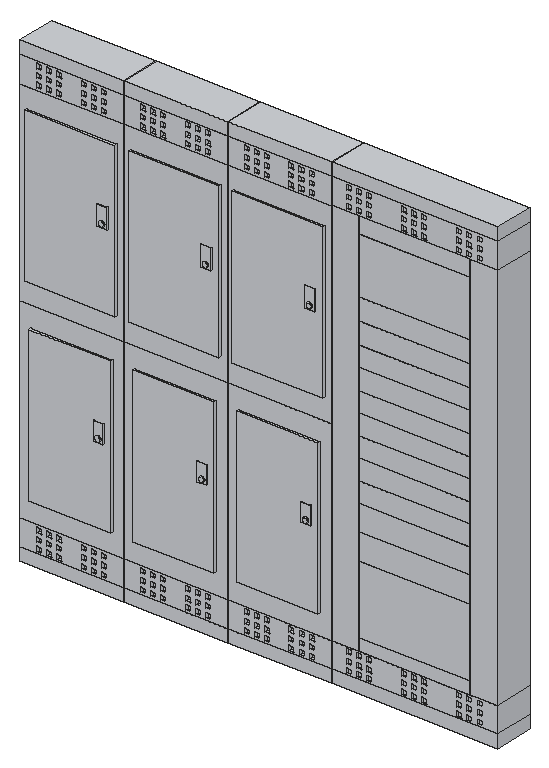
Revit family "Switchboard", category Electrical Equipment, Revit 2025
Family settings
  Panel Configuration = Two Columns, Circuits Across
  Round Connector Dimension = Use Diameter
  Part Type = Panelboard
  Work Plane-Based = Yes
  Always vertical = Yes
  Cut with Voids When Loaded = No
  Maintain Annotation Orientation = Yes
  Shared = No
  Room Calculation Point = No
Parameters
  Width = 8' - 8"
  Default Elevation = 4' - 0"
Reference planes (in)
  plane 1 "Center (Front/Back)": y = 0
  plane 2: z = 0
  plane 3 "Center (Left/Right)": x = 0
  plane 4: x = -47.4375
  plane 5: x = 0
  plane 6: y = 0
  plane 7 "center": z = 46.25
  plane 8: x = 47.4375
Dimensions and locks (in)
  plane 5 to plane 4 = 3' - 11 7/16"
  plane 8 to plane 5 = 3' - 11 7/16"
  aligned and locked: level to plane 2
  aligned and locked: nested 1 to nested 2
  aligned and locked: nested 4 to nested 5
  aligned and locked: nested 5 to nested 6
  aligned and locked: nested 2 to nested 3
  aligned and locked: nested 3 to nested 7
  aligned and locked: nested 6 to nested 7
Nested families (in)
  nested 1: "Appliance Panel Top" at (-37.125, 0, 46.25), type "Standard"
  nested 2: "Appliance Panel Top" at (-16.5, 0, 46.25), type "Standard"
  nested 3: "Appliance Panel Top" at (4.125, 0, 46.25), type "Standard"
  nested 4: "Appliance Panel Bottom" at (-37.125, 0, 0), type "Standard"
  nested 5: "Appliance Panel Bottom" at (-16.5, 0, 0), type "Standard"
  nested 6: "Appliance Panel Bottom" at (4.125, 0, 0), type "Standard"
  nested 7: "Main Distribution Panel" at (30.9375, 0, 0), type "Standard"
Definition of nested family "Appliance Panel Top"
  Parameters (values of type "Standard")
    Width = 1' - 8 5/8"
    Panel Width = 1' - 6"
    Depth = 0' - 8"
    Default Elevation = 4' - 0"
  Reference planes (in)
    plane 1 "Center (Front/Back)": y = 0
    plane 2: z = 0
    plane 3 "Center (Left/Right)": x = 0
    plane 4: z = 38.75
    plane 5: z = 44
    plane 6: z = 46.5
    plane 7: x = -6.9375
  Forms (in)
    Extrusion 1, solid
      sketch origin (0, 0, 0) x (1, 0, 0) y (0, 1, 0)
        loop
          line (-10.3125, 4) -> (-10.3125, -4) -> (10.3125, -4) -> (10.3125, 4) -> (-10.3125, 4)
      from 0 to 38.75
    Extrusion 2, solid
      sketch origin (0, 0, 38.75) x (1, 0, 0) y (0, 1, 0)
        loop
          line (-10.3125, 4) -> (-10.3125, -4) -> (10.3125, -4) -> (10.3125, 4) -> (-10.3125, 4)
      from 0 to 5.25
    Extrusion 3, solid
      sketch origin (0, 0, 44) x (1, 0, 0) y (0, 1, 0)
        loop
          line (-10.3125, 4) -> (-10.3125, -4) -> (10.3125, -4) -> (10.3125, 4) -> (-10.3125, 4)
      from 0 to 2.5
    Extrusion 4, solid
      sketch origin (10.3125, -4, 38.75) x (-1, 0, 0) y (0, 0, -1)
        loop
          line (19.3125, 4) -> (19.3125, 34.5) -> (1.3125, 34.5) -> (1.3125, 4) -> (19.3125, 4)
      from 0 to 0.5
    Extrusion 5, solid
      sketch origin (10.3125, -4.5, 38.75) x (-1, 0, 0) y (0, 0, -1)
        loop
          line (4.8125, 15.5) -> (4.8125, 19.5) -> (2.8125, 19.5) -> (2.8125, 15.5) -> (4.8125, 15.5)
      from 0.16797 to 0
    Extrusion 6, solid
      sketch origin (10.3125, -4.66797, 38.75) x (-1, 0, 0) y (0, 0, -1)
        loop
          circle (3.8125, 18.75) r 0.5
      from 0 to 0.125
    Extrusion 7, void
      sketch origin (10.3125, -4, 38.75) x (1, 0, 0) y (0, 0, -1)
        loop
          line (-17.25, -4.83333) -> (-16.25, -4.83333) -> (-16.25, -3.83333) -> (-17.25, -3.83333) -> (-17.25, -4.83333)
        loop
          line (-17.25, -3.125) -> (-16.25, -3.125) -> (-16.25, -2.125) -> (-17.25, -2.125) -> (-17.25, -3.125)
        loop
          line (-17.25, -1.4375) -> (-16.25, -1.4375) -> (-16.25, -0.4375) -> (-17.25, -0.4375) -> (-17.25, -1.4375)
        loop
          line (-15.25, -4.83333) -> (-14.25, -4.83333) -> (-14.25, -3.83333) -> (-15.25, -3.83333) -> (-15.25, -4.83333)
        loop
          line (-15.25, -3.125) -> (-14.25, -3.125) -> (-14.25, -2.125) -> (-15.25, -2.125) -> (-15.25, -3.125)
        loop
          line (-15.25, -1.4375) -> (-14.25, -1.4375) -> (-14.25, -0.4375) -> (-15.25, -0.4375) -> (-15.25, -1.4375)
        loop
          line (-13.25, -4.83333) -> (-12.25, -4.83333) -> (-12.25, -3.83333) -> (-13.25, -3.83333) -> (-13.25, -4.83333)
        loop
          line (-13.25, -3.125) -> (-12.25, -3.125) -> (-12.25, -2.125) -> (-13.25, -2.125) -> (-13.25, -3.125)
        loop
          line (-13.25, -1.4375) -> (-12.25, -1.4375) -> (-12.25, -0.4375) -> (-13.25, -0.4375) -> (-13.25, -1.4375)
        loop
          line (-3.375, -4.83333) -> (-3.375, -3.83333) -> (-4.375, -3.83333) -> (-4.375, -4.83333) -> (-3.375, -4.83333)
        loop
          line (-3.375, -3.125) -> (-3.375, -2.125) -> (-4.375, -2.125) -> (-4.375, -3.125) -> (-3.375, -3.125)
        loop
          line (-3.375, -1.4375) -> (-3.375, -0.4375) -> (-4.375, -0.4375) -> (-4.375, -1.4375) -> (-3.375, -1.4375)
        loop
          line (-5.375, -4.83333) -> (-5.375, -3.83333) -> (-6.375, -3.83333) -> (-6.375, -4.83333) -> (-5.375, -4.83333)
        loop
          line (-5.375, -3.125) -> (-5.375, -2.125) -> (-6.375, -2.125) -> (-6.375, -3.125) -> (-5.375, -3.125)
        loop
          line (-5.375, -1.4375) -> (-5.375, -0.4375) -> (-6.375, -0.4375) -> (-6.375, -1.4375) -> (-5.375, -1.4375)
        loop
          line (-7.375, -4.83333) -> (-7.375, -3.83333) -> (-8.375, -3.83333) -> (-8.375, -4.83333) -> (-7.375, -4.83333)
        loop
          line (-7.375, -3.125) -> (-7.375, -2.125) -> (-8.375, -2.125) -> (-8.375, -3.125) -> (-7.375, -3.125)
        loop
          line (-7.375, -1.4375) -> (-7.375, -0.4375) -> (-8.375, -0.4375) -> (-8.375, -1.4375) -> (-7.375, -1.4375)
      from 0 to 0.5
  Cuts and joins
    Extrusion 7 cuts Extrusion 2
  Dimensions and locks (in)
    equal spacing: Extrusion 1 sketch curve, plane 3 "Center (Left/Right)", Extrusion 1 sketch curve
    equal spacing: Extrusion 1 sketch curve, plane 1 "Center (Front/Back)", Extrusion 1 sketch curve
    "Width": Extrusion 1 sketch curve to Extrusion 1 sketch curve
    "Depth": Extrusion 1 sketch curve to Extrusion 1 sketch curve
    plane 4 to plane 2 = 3' - 2 3/4"
    equal spacing: Extrusion 2 sketch curve, plane 3 "Center (Left/Right)", Extrusion 2 sketch curve
    equal spacing: Extrusion 2 sketch curve, plane 1 "Center (Front/Back)", Extrusion 2 sketch curve
    "Width": Extrusion 2 sketch curve to Extrusion 2 sketch curve
    "Depth": Extrusion 2 sketch curve to Extrusion 2 sketch curve
    plane 5 to plane 4 = 0' - 5 1/4"
    Extrusion 3 sketch curve to Extrusion 3 sketch curve = 1' - 8 5/8"
    equal spacing: Extrusion 3 sketch curve, plane 1 "Center (Front/Back)", Extrusion 3 sketch curve
    "Width": Extrusion 3 sketch curve to Extrusion 3 sketch curve
    "Depth": Extrusion 3 sketch curve to Extrusion 3 sketch curve
    plane 6 to plane 5 = 0' - 2 1/2"
    equal spacing: Extrusion 4 sketch curve, plane 3 "Center (Left/Right)", Extrusion 4 sketch curve
    "Panel Width": Extrusion 4 sketch curve to Extrusion 4 sketch curve
    Extrusion 4 sketch curve to plane 2 = 0' - 4 1/4"
    Extrusion 5 sketch curve to Extrusion 4 = 1' - 3"
    Extrusion 5 sketch curve to Extrusion 4 = 0' - 1 1/2"
    plane 4 to Extrusion 4 sketch curve = 0' - 4"
    aligned and locked: plane 2 to level
    aligned and locked: plane 4 to Extrusion 1
    aligned and locked: plane 5 to Extrusion 2
    aligned and locked: plane 6 to Extrusion 3
  Automatic sketch dimensions
    Extrusion 5 sketch curve to Extrusion 5 sketch curve = 0' - 2"
    Extrusion 5 sketch curve to Extrusion 5 sketch curve = 0' - 4"
    Extrusion 6 sketch curve to Extrusion 5 = 0' - 1"
    Extrusion 6 sketch curve to Extrusion 5 = 0' - 0 3/4"
    Extrusion 7 sketch curve to Extrusion 2 = 0' - 0.41667"  (x6)
    Extrusion 7 sketch curve to Extrusion 2 = 0' - 3 3/8"
    Extrusion 7 sketch curve to Extrusion 7 sketch curve = 0' - 0"  (x24)
    Extrusion 7 sketch curve to Extrusion 7 sketch curve = 0' - 1"  (x22)
    Extrusion 7 sketch curve to Extrusion 7 sketch curve = 0' - 3 7/8"
    Extrusion 7 sketch curve to Extrusion 2 = 0' - 0 7/16"  (x6)
    Extrusion 7 sketch curve to Extrusion 7 sketch curve = 0' - 0.70833"  (x6)
    Extrusion 7 sketch curve to Extrusion 7 sketch curve = 0' - 0 11/16"  (x6)
    Extrusion 2 sketch curve to Extrusion 1 = 0' - 0"
    Extrusion 3 sketch curve to Extrusion 2 = 0' - 0"  (x2)
    radius of Extrusion 6 sketch curve = 0' - 0 1/2"
Definition of nested family "Appliance Panel Bottom"
  Parameters (values of type "Standard")
    Width = 1' - 8 5/8"
    Panel Width = 1' - 6"
    Depth = 0' - 8"
    Default Elevation = 4' - 0"
  Reference planes (in)
    plane 1 "Center (Front/Back)": y = 0
    plane 2: z = 0
    plane 3 "Center (Left/Right)": x = 0
    plane 4: z = 2.5
    plane 5: z = 7.625
    plane 6: z = 46.25
    plane 7: x = -11.25
    plane 8: z = 5.91667
    plane 9: z = 4.20833
    plane 10: z = 5.0625
    plane 11: z = 6.77083
    plane 12: z = 3.35417
    plane 13: x = 6.6875
    plane 14: x = -6.9375
  Forms (in)
    Extrusion 1, solid
      sketch origin (0, 0, 0) x (1, 0, 0) y (0, 1, 0)
        loop
          line (-10.3125, 4) -> (-10.3125, -4) -> (10.3125, -4) -> (10.3125, 4) -> (-10.3125, 4)
      from 0 to 2.5
    Extrusion 2, solid
      sketch origin (0, 0, 2.5) x (1, 0, 0) y (0, 1, 0)
        loop
          line (-10.3125, 4) -> (-10.3125, -4) -> (10.3125, -4) -> (10.3125, 4) -> (-10.3125, 4)
      from 0 to 5.125
    Extrusion 3, solid
      sketch origin (0, 0, 7.625) x (1, 0, 0) y (0, 1, 0)
        loop
          line (-10.3125, 4) -> (-10.3125, -4) -> (10.3125, -4) -> (10.3125, 4) -> (-10.3125, 4)
      from 0 to 38.625
    Extrusion 4, void
      sketch origin (10.3125, -4, 2.5) x (1, 0, 0) y (0, 0, -1)
        loop
          line (-17.26175, -4.77083) -> (-16.26175, -4.77083) -> (-16.26175, -3.77083) -> (-17.26175, -3.77083) -> (-17.26175, -4.77083)
        loop
          line (-17.26175, -3.0625) -> (-16.26175, -3.0625) -> (-16.26175, -2.0625) -> (-17.26175, -2.0625) -> (-17.26175, -3.0625)
        loop
          line (-17.26175, -1.375) -> (-16.26175, -1.375) -> (-16.26175, -0.375) -> (-17.26175, -0.375) -> (-17.26175, -1.375)
        loop
          line (-15.26175, -4.77083) -> (-14.26175, -4.77083) -> (-14.26175, -3.77083) -> (-15.26175, -3.77083) -> (-15.26175, -4.77083)
        loop
          line (-15.26175, -3.0625) -> (-14.26175, -3.0625) -> (-14.26175, -2.0625) -> (-15.26175, -2.0625) -> (-15.26175, -3.0625)
        loop
          line (-15.26175, -1.375) -> (-14.26175, -1.375) -> (-14.26175, -0.375) -> (-15.26175, -0.375) -> (-15.26175, -1.375)
        loop
          line (-13.26175, -4.77083) -> (-12.26175, -4.77083) -> (-12.26175, -3.77083) -> (-13.26175, -3.77083) -> (-13.26175, -4.77083)
        loop
          line (-13.26175, -3.0625) -> (-12.26175, -3.0625) -> (-12.26175, -2.0625) -> (-13.26175, -2.0625) -> (-13.26175, -3.0625)
        loop
          line (-13.26175, -1.375) -> (-12.26175, -1.375) -> (-12.26175, -0.375) -> (-13.26175, -0.375) -> (-13.26175, -1.375)
        loop
          line (-3.36325, -4.77083) -> (-3.36325, -3.77083) -> (-4.36325, -3.77083) -> (-4.36325, -4.77083) -> (-3.36325, -4.77083)
        loop
          line (-3.36325, -3.0625) -> (-3.36325, -2.0625) -> (-4.36325, -2.0625) -> (-4.36325, -3.0625) -> (-3.36325, -3.0625)
        loop
          line (-3.36325, -1.375) -> (-3.36325, -0.375) -> (-4.36325, -0.375) -> (-4.36325, -1.375) -> (-3.36325, -1.375)
        loop
          line (-5.36325, -4.77083) -> (-5.36325, -3.77083) -> (-6.36325, -3.77083) -> (-6.36325, -4.77083) -> (-5.36325, -4.77083)
        loop
          line (-5.36325, -3.0625) -> (-5.36325, -2.0625) -> (-6.36325, -2.0625) -> (-6.36325, -3.0625) -> (-5.36325, -3.0625)
        loop
          line (-5.36325, -1.375) -> (-5.36325, -0.375) -> (-6.36325, -0.375) -> (-6.36325, -1.375) -> (-5.36325, -1.375)
        loop
          line (-7.36325, -4.77083) -> (-7.36325, -3.77083) -> (-8.36325, -3.77083) -> (-8.36325, -4.77083) -> (-7.36325, -4.77083)
        loop
          line (-7.36325, -3.0625) -> (-7.36325, -2.0625) -> (-8.36325, -2.0625) -> (-8.36325, -3.0625) -> (-7.36325, -3.0625)
        loop
          line (-7.36325, -1.375) -> (-7.36325, -0.375) -> (-8.36325, -0.375) -> (-8.36325, -1.375) -> (-7.36325, -1.375)
      from 0 to 0.5
    Extrusion 5, solid
      sketch origin (10.3125, -4, 7.625) x (-1, 0, 0) y (0, 0, -1)
        loop
          line (18.375, -34.625) -> (18.375, -4.125) -> (2.25, -4.125) -> (2.25, -34.625) -> (18.375, -34.625)
      from 0 to 0.5
    Extrusion 6, solid
      sketch origin (10.4375, -4.5, 7.625) x (-1, 0, 0) y (0, 0, -1)
        loop
          line (5.625, -23) -> (5.625, -19.375) -> (3.75, -19.375) -> (3.75, -23) -> (5.625, -23)
      from 0.16797 to 0
    Extrusion 7, solid
      sketch origin (10.4375, -4.66797, 7.625) x (-1, 0, 0) y (0, 0, -1)
        loop
          circle (4.6875, -20.125) r 0.5
      from 0 to 0.125
    Extrusion 8, solid, not visible
      sketch origin (11.25, -4.75, 56.5) x (-1, 0, 0) y (0, 0, -1)
        loop
          line (20.25, 10.25) -> (20.25, 43.5) -> (2.25, 43.5) -> (2.25, 10.25) -> (20.25, 10.25)
      from 0 to 0.5
    Extrusion 9, solid, not visible
      sketch origin (11.25, -5.25, 56.5) x (-1, 0, 0) y (0, 0, -1)
        loop
          line (5.75, 24.25) -> (5.75, 28.25) -> (3.75, 28.25) -> (3.75, 24.25) -> (5.75, 24.25)
      from 0.16797 to 0
    Extrusion 10, solid, not visible
      sketch origin (11.25, -5.41797, 56.5) x (-1, 0, 0) y (0, 0, -1)
        loop
          circle (4.75, 27.5) r 0.5
      from 0 to 0.125
  Cuts and joins
    Extrusion 4 cuts Extrusion 2
  Dimensions and locks (in)
    equal spacing: Extrusion 1 sketch curve, plane 3 "Center (Left/Right)", Extrusion 1 sketch curve
    "Width": Extrusion 1 sketch curve to Extrusion 1 sketch curve
    plane 4 to plane 2 = 0' - 2 1/2"
    equal spacing: Extrusion 2 sketch curve, plane 3 "Center (Left/Right)", Extrusion 2 sketch curve
    equal spacing: Extrusion 2 sketch curve, plane 1 "Center (Front/Back)", Extrusion 2 sketch curve
    "Width": Extrusion 2 sketch curve to Extrusion 2 sketch curve
    "Depth": Extrusion 2 sketch curve to Extrusion 2 sketch curve
    plane 5 to plane 4 = 0' - 5 1/8"
    equal spacing: Extrusion 3 sketch curve, plane 3 "Center (Left/Right)", Extrusion 3 sketch curve
    "Width": Extrusion 3 sketch curve to Extrusion 3 sketch curve
    plane 6 to plane 5 = 3' - 2 5/8"
    Extrusion 6 sketch curve to Extrusion 5 = 1' - 3 1/4"
    Extrusion 6 sketch curve to Extrusion 5 = 0' - 1 3/8"
    Extrusion 9 sketch curve to Extrusion 8 = 1' - 3 1/4"
    Extrusion 9 sketch curve to Extrusion 8 = 0' - 1 1/2"
    Extrusion 5 to plane 5 = 0' - 4 1/8"
    equal spacing: cut or joined group of Extrusion 2, Extrusion 4, plane 11, plane 8, plane 10, plane 9, plane 12, cut or joined group of Extrusion 2, Extrusion 4
    Extrusion 5 to Extrusion 6 = 0' - 1 3/8"
    Extrusion 6 sketch curve to Extrusion 6 sketch curve = 0' - 1 7/8"
    equal spacing: Extrusion 3 sketch curve, plane 1 "Center (Front/Back)", Extrusion 3 sketch curve
    "Depth": Extrusion 3 sketch curve to Extrusion 3 sketch curve
    equal spacing: Extrusion 1 sketch curve, plane 1 "Center (Front/Back)", Extrusion 1 sketch curve
    "Depth": Extrusion 1 sketch curve to Extrusion 1 sketch curve
    plane 14 to Extrusion 3 = 0' - 3 3/8"
    plane 6 to Extrusion 5 sketch curve = 0' - 4"
    aligned and locked: plane 2 to level
    aligned and locked: plane 4 to Extrusion 1
    aligned and locked: plane 5 to Extrusion 2
    aligned and locked: plane 6 to Extrusion 3
  Automatic sketch dimensions
    Extrusion 9 sketch curve to Extrusion 9 sketch curve = 0' - 2"
    Extrusion 9 sketch curve to Extrusion 9 sketch curve = 0' - 4"
    Extrusion 10 sketch curve to Extrusion 9 = 0' - 1"
    Extrusion 10 sketch curve to Extrusion 9 = 0' - 0 3/4"
    Extrusion 8 sketch curve to Extrusion 8 sketch curve = 1' - 6"
    Extrusion 8 sketch curve to Extrusion 8 sketch curve = 2' - 9 1/4"
    Extrusion 5 sketch curve to Extrusion 3 = 0' - 2 1/4"
    Extrusion 3 to Extrusion 5 sketch curve = 0' - 2 1/4"
    Extrusion 3 to Extrusion 5 sketch curve = 0' - 4 1/8"
    Extrusion 6 sketch curve to Extrusion 6 sketch curve = 0' - 3 5/8"
    Extrusion 7 sketch curve to Extrusion 6 = 0' - 0 15/16"
    Extrusion 7 sketch curve to Extrusion 6 = 0' - 0 3/4"
    Extrusion 4 sketch curve to Extrusion 2 = 0' - 0.35417"  (x6)
    Extrusion 4 sketch curve to Extrusion 2 = 0' - 3.36325"
    Extrusion 4 sketch curve to Extrusion 4 sketch curve = 0' - 0"  (x24)
    Extrusion 4 sketch curve to Extrusion 4 sketch curve = 0' - 1"  (x22)
    Extrusion 4 sketch curve to Extrusion 4 sketch curve = 0' - 3.89849"
    Extrusion 4 sketch curve to Extrusion 2 = 0' - 0 3/8"  (x6)
    Extrusion 4 sketch curve to Extrusion 4 sketch curve = 0' - 0.70833"  (x6)
    Extrusion 4 sketch curve to Extrusion 4 sketch curve = 0' - 0 11/16"  (x6)
    Extrusion 2 sketch curve to Extrusion 1 = 0' - 0"
    Extrusion 3 sketch curve to Extrusion 2 = 0' - 0"
    radius of Extrusion 10 sketch curve = 0' - 0 1/2"
    radius of Extrusion 7 sketch curve = 0' - 0 1/2"
Definition of nested family "Main Distribution Panel"
  Parameters (values of type "Standard")
    Width = 2' - 9"
    Deoth = 0' - 8"
    Default Elevation = 0' - 0"
  Reference planes (in)
    plane 1 "Center (Front/Back)": y = 0
    plane 2: z = 0
    plane 3 "Center (Left/Right)": x = 0
    plane 4: z = 2.5
    plane 5: z = 7.625
    plane 6: z = 85.125
    plane 7: z = 101.5
    plane 8: x = -11
    plane 9: x = 11
    plane 10: z = 5.0625
  Forms (in)
    Extrusion 1, solid
      sketch origin (0, 0, 0) x (1, 0, 0) y (0, 1, 0)
        loop
          line (-16.5, 4) -> (-16.5, -4) -> (16.5, -4) -> (16.5, 4) -> (-16.5, 4)
      from 0 to 2.5
    Extrusion 2, solid
      sketch origin (0, 0, 2.5) x (1, 0, 0) y (0, 1, 0)
        loop
          line (-16.5, 4) -> (-16.5, -4) -> (16.5, -4) -> (16.5, 4) -> (-16.5, 4)
      from 0 to 5.125
    Extrusion 3, solid
      sketch origin (0, 0, 7.625) x (1, 0, 0) y (0, 1, 0)
        loop
          line (-16.5, 4) -> (-16.5, -4) -> (-11, -4) -> (-11, 4) -> (-16.5, 4)
        loop
          line (16.5, 4) -> (11, 4) -> (11, -4) -> (16.5, -4) -> (16.5, 4)
      from 0 to 77.5
    Extrusion 4, solid
      sketch origin (0, 0, 7.625) x (1, 0, 0) y (0, 1, 0)
        loop
          line (-11, 4) -> (-11, -4) -> (11, -4) -> (11, 4) -> (-11, 4)
      from 0 to 2.375
    Extrusion 5, solid
      sketch origin (0, 0, 10) x (1, 0, 0) y (0, 1, 0)
        loop
          line (-11, 4) -> (-11, -4) -> (11, -4) -> (11, 4) -> (-11, 4)
      from 0 to 13.75
    Extrusion 6, solid
      sketch origin (0, 0, 23.75) x (1, 0, 0) y (0, 1, 0)
        loop
          line (-11, 4) -> (-11, -4) -> (11, -4) -> (11, 4) -> (-11, 4)
      from 0 to 5.125
    Extrusion 7, solid
      sketch origin (0, 0, 28.875) x (1, 0, 0) y (0, 1, 0)
        loop
          line (-11, 4) -> (-11, -4) -> (11, -4) -> (11, 4) -> (-11, 4)
      from 0 to 5.125
    Extrusion 8, solid
      sketch origin (0, 0, 34) x (1, 0, 0) y (0, 1, 0)
        loop
          line (-11, 4) -> (-11, -4) -> (11, -4) -> (11, 4) -> (-11, 4)
      from 0 to 4
    Extrusion 9, solid
      sketch origin (0, 0, 38) x (1, 0, 0) y (0, 1, 0)
        loop
          line (-11, 4) -> (-11, -4) -> (11, -4) -> (11, 4) -> (-11, 4)
      from 0 to 4
    Extrusion 10, solid
      sketch origin (0, 0, 42) x (1, 0, 0) y (0, 1, 0)
        loop
          line (-11, 4) -> (-11, -4) -> (11, -4) -> (11, 4) -> (-11, 4)
      from 0 to 4
    Extrusion 11, solid
      sketch origin (0, 0, 46) x (1, 0, 0) y (0, 1, 0)
        loop
          line (-11, 4) -> (-11, -4) -> (11, -4) -> (11, 4) -> (-11, 4)
      from 0 to 4
    Extrusion 12, solid
      sketch origin (0, 0, 50) x (1, 0, 0) y (0, 1, 0)
        loop
          line (-11, 4) -> (-11, -4) -> (11, -4) -> (11, 4) -> (-11, 4)
      from 0 to 4
    Extrusion 13, solid
      sketch origin (0, 0, 54) x (1, 0, 0) y (0, 1, 0)
        loop
          line (-11, 4) -> (-11, -4) -> (11, -4) -> (11, 4) -> (-11, 4)
      from 0 to 4.25
    Extrusion 14, solid
      sketch origin (0, 0, 58.25) x (1, 0, 0) y (0, 1, 0)
        loop
          line (-11, 4) -> (-11, -4) -> (11, -4) -> (11, 4) -> (-11, 4)
      from 0 to 4
    Extrusion 15, solid
      sketch origin (0, 0, 62.25) x (1, 0, 0) y (0, 1, 0)
        loop
          line (-11, 4) -> (-11, -4) -> (11, -4) -> (11, 4) -> (-11, 4)
      from 0 to 4.25
    Extrusion 16, solid
      sketch origin (0, 0, 66.5) x (1, 0, 0) y (0, 1, 0)
        loop
          line (-11, 4) -> (-11, -4) -> (11, -4) -> (11, 4) -> (-11, 4)
      from 0 to 4.25
    Extrusion 17, solid
      sketch origin (0, 0, 70.75) x (1, 0, 0) y (0, 1, 0)
        loop
          line (-11, 4) -> (-11, -4) -> (11, -4) -> (11, 4) -> (-11, 4)
      from 0 to 11.25
    Extrusion 18, solid
      sketch origin (0, 0, 90.25) x (1, 0, 0) y (0, 1, 0)
        loop
          line (-16.5, 4) -> (-16.5, -4) -> (16.5, -4) -> (16.5, 4) -> (-16.5, 4)
      from 0 to 2.5
    Extrusion 19, solid
      sketch origin (0, 0, 85.125) x (1, 0, 0) y (0, 1, 0)
        loop
          line (-16.5, 4) -> (-16.5, -4) -> (16.5, -4) -> (16.5, 4) -> (-16.5, 4)
      from 0 to 5.125
    Extrusion 20, void
      sketch origin (16.5, -4, 85.125) x (1, 0, 0) y (0, 0, -1)
        loop
          line (-25, -4.77083) -> (-25, -3.77083) -> (-26, -3.77083) -> (-26, -4.77083) -> (-25, -4.77083)
        loop
          line (-25, -3.0625) -> (-25, -2.0625) -> (-26, -2.0625) -> (-26, -3.0625) -> (-25, -3.0625)
        loop
          line (-25, -1.375) -> (-25, -0.375) -> (-26, -0.375) -> (-26, -1.375) -> (-25, -1.375)
        loop
          line (-27, -4.77083) -> (-27, -3.77083) -> (-28, -3.77083) -> (-28, -4.77083) -> (-27, -4.77083)
        loop
          line (-27, -3.0625) -> (-27, -2.0625) -> (-28, -2.0625) -> (-28, -3.0625) -> (-27, -3.0625)
        loop
          line (-27, -1.375) -> (-27, -0.375) -> (-28, -0.375) -> (-28, -1.375) -> (-27, -1.375)
        loop
          line (-29, -4.77083) -> (-29, -3.77083) -> (-30, -3.77083) -> (-30, -4.77083) -> (-29, -4.77083)
        loop
          line (-29, -3.0625) -> (-29, -2.0625) -> (-30, -2.0625) -> (-30, -3.0625) -> (-29, -3.0625)
        loop
          line (-29, -1.375) -> (-29, -0.375) -> (-30, -0.375) -> (-30, -1.375) -> (-29, -1.375)
        loop
          line (-14, -4.77083) -> (-14, -3.77083) -> (-15, -3.77083) -> (-15, -4.77083) -> (-14, -4.77083)
        loop
          line (-14, -3.0625) -> (-14, -2.0625) -> (-15, -2.0625) -> (-15, -3.0625) -> (-14, -3.0625)
        loop
          line (-14, -1.375) -> (-14, -0.375) -> (-15, -0.375) -> (-15, -1.375) -> (-14, -1.375)
        loop
          line (-16, -4.77083) -> (-16, -3.77083) -> (-17, -3.77083) -> (-17, -4.77083) -> (-16, -4.77083)
        loop
          line (-16, -3.0625) -> (-16, -2.0625) -> (-17, -2.0625) -> (-17, -3.0625) -> (-16, -3.0625)
        loop
          line (-16, -1.375) -> (-16, -0.375) -> (-17, -0.375) -> (-17, -1.375) -> (-16, -1.375)
        loop
          line (-18, -4.77083) -> (-18, -3.77083) -> (-19, -3.77083) -> (-19, -4.77083) -> (-18, -4.77083)
        loop
          line (-18, -3.0625) -> (-18, -2.0625) -> (-19, -2.0625) -> (-19, -3.0625) -> (-18, -3.0625)
        loop
          line (-18, -1.375) -> (-18, -0.375) -> (-19, -0.375) -> (-19, -1.375) -> (-18, -1.375)
        loop
          line (-3, -4.77083) -> (-3, -3.77083) -> (-4, -3.77083) -> (-4, -4.77083) -> (-3, -4.77083)
        loop
          line (-3, -3.0625) -> (-3, -2.0625) -> (-4, -2.0625) -> (-4, -3.0625) -> (-3, -3.0625)
        loop
          line (-3, -1.375) -> (-3, -0.375) -> (-4, -0.375) -> (-4, -1.375) -> (-3, -1.375)
        loop
          line (-5, -4.77083) -> (-5, -3.77083) -> (-6, -3.77083) -> (-6, -4.77083) -> (-5, -4.77083)
        loop
          line (-5, -3.0625) -> (-5, -2.0625) -> (-6, -2.0625) -> (-6, -3.0625) -> (-5, -3.0625)
        loop
          line (-5, -1.375) -> (-5, -0.375) -> (-6, -0.375) -> (-6, -1.375) -> (-5, -1.375)
        loop
          line (-7, -4.77083) -> (-7, -3.77083) -> (-8, -3.77083) -> (-8, -4.77083) -> (-7, -4.77083)
        loop
          line (-7, -3.0625) -> (-7, -2.0625) -> (-8, -2.0625) -> (-8, -3.0625) -> (-7, -3.0625)
        loop
          line (-7, -1.375) -> (-7, -0.375) -> (-8, -0.375) -> (-8, -1.375) -> (-7, -1.375)
        loop
          line (-25, 77.85417) -> (-25, 78.85417) -> (-26, 78.85417) -> (-26, 77.85417) -> (-25, 77.85417)
        loop
          line (-25, 79.5625) -> (-25, 80.5625) -> (-26, 80.5625) -> (-26, 79.5625) -> (-25, 79.5625)
        loop
          line (-25, 81.25) -> (-25, 82.25) -> (-26, 82.25) -> (-26, 81.25) -> (-25, 81.25)
        loop
          line (-27, 77.85417) -> (-27, 78.85417) -> (-28, 78.85417) -> (-28, 77.85417) -> (-27, 77.85417)
        loop
          line (-27, 79.5625) -> (-27, 80.5625) -> (-28, 80.5625) -> (-28, 79.5625) -> (-27, 79.5625)
        loop
          line (-27, 81.25) -> (-27, 82.25) -> (-28, 82.25) -> (-28, 81.25) -> (-27, 81.25)
        loop
          line (-29, 77.85417) -> (-29, 78.85417) -> (-30, 78.85417) -> (-30, 77.85417) -> (-29, 77.85417)
        loop
          line (-29, 79.5625) -> (-29, 80.5625) -> (-30, 80.5625) -> (-30, 79.5625) -> (-29, 79.5625)
        loop
          line (-29, 81.25) -> (-29, 82.25) -> (-30, 82.25) -> (-30, 81.25) -> (-29, 81.25)
        loop
          line (-14, 77.85417) -> (-14, 78.85417) -> (-15, 78.85417) -> (-15, 77.85417) -> (-14, 77.85417)
        loop
          line (-14, 79.5625) -> (-14, 80.5625) -> (-15, 80.5625) -> (-15, 79.5625) -> (-14, 79.5625)
        loop
          line (-14, 81.25) -> (-14, 82.25) -> (-15, 82.25) -> (-15, 81.25) -> (-14, 81.25)
        loop
          line (-16, 77.85417) -> (-16, 78.85417) -> (-17, 78.85417) -> (-17, 77.85417) -> (-16, 77.85417)
        loop
          line (-16, 79.5625) -> (-16, 80.5625) -> (-17, 80.5625) -> (-17, 79.5625) -> (-16, 79.5625)
        loop
          line (-16, 81.25) -> (-16, 82.25) -> (-17, 82.25) -> (-17, 81.25) -> (-16, 81.25)
        loop
          line (-18, 77.85417) -> (-18, 78.85417) -> (-19, 78.85417) -> (-19, 77.85417) -> (-18, 77.85417)
        loop
          line (-18, 79.5625) -> (-18, 80.5625) -> (-19, 80.5625) -> (-19, 79.5625) -> (-18, 79.5625)
        loop
          line (-18, 81.25) -> (-18, 82.25) -> (-19, 82.25) -> (-19, 81.25) -> (-18, 81.25)
        loop
          line (-3, 77.85417) -> (-3, 78.85417) -> (-4, 78.85417) -> (-4, 77.85417) -> (-3, 77.85417)
        loop
          line (-3, 79.5625) -> (-3, 80.5625) -> (-4, 80.5625) -> (-4, 79.5625) -> (-3, 79.5625)
        loop
          line (-3, 81.25) -> (-3, 82.25) -> (-4, 82.25) -> (-4, 81.25) -> (-3, 81.25)
        loop
          line (-5, 77.85417) -> (-5, 78.85417) -> (-6, 78.85417) -> (-6, 77.85417) -> (-5, 77.85417)
        loop
          line (-5, 79.5625) -> (-5, 80.5625) -> (-6, 80.5625) -> (-6, 79.5625) -> (-5, 79.5625)
        loop
          line (-5, 81.25) -> (-5, 82.25) -> (-6, 82.25) -> (-6, 81.25) -> (-5, 81.25)
        loop
          line (-7, 77.85417) -> (-7, 78.85417) -> (-8, 78.85417) -> (-8, 77.85417) -> (-7, 77.85417)
        loop
          line (-7, 79.5625) -> (-7, 80.5625) -> (-8, 80.5625) -> (-8, 79.5625) -> (-7, 79.5625)
        loop
          line (-7, 81.25) -> (-7, 82.25) -> (-8, 82.25) -> (-8, 81.25) -> (-7, 81.25)
      from 0 to 0.25
    Extrusion 21, solid
      sketch origin (0, 0, 82) x (1, 0, 0) y (0, 1, 0)
        loop
          line (-11, 4) -> (-11, -4) -> (11, -4) -> (11, 4) -> (-11, 4)
      from 0 to 3.125
  Cuts and joins
    Extrusion 20 cuts Extrusion 2
    Extrusion 20 cuts Extrusion 19
  Dimensions and locks (in)
    equal spacing: Extrusion 1 sketch curve, plane 1 "Center (Front/Back)", Extrusion 1 sketch curve
    "Deoth": Extrusion 1 sketch curve to Extrusion 1 sketch curve
    equal spacing: Extrusion 1 sketch curve, plane 3 "Center (Left/Right)", Extrusion 1 sketch curve
    "Width": Extrusion 1 sketch curve to Extrusion 1 sketch curve
    plane 4 to plane 2 = 0' - 2 1/2"
    Extrusion 2 sketch curve to Extrusion 2 sketch curve = 0' - 8"
    "Deoth": Extrusion 2 sketch curve to Extrusion 2 sketch curve
    equal spacing: Extrusion 2 sketch curve, plane 3 "Center (Left/Right)", Extrusion 2 sketch curve
    "Width": Extrusion 2 sketch curve to Extrusion 2 sketch curve
    plane 5 to plane 4 = 0' - 5 1/8"
    plane 6 to plane 5 = 6' - 5 1/2"
    Extrusion 4 sketch curve to Extrusion 4 sketch curve = 0' - 8"
    "Deoth": Extrusion 4 sketch curve to Extrusion 4 sketch curve
    Extrusion 5 sketch curve to Extrusion 5 sketch curve = 0' - 8"
    "Deoth": Extrusion 5 sketch curve to Extrusion 5 sketch curve
    Extrusion 6 sketch curve to Extrusion 6 sketch curve = 0' - 8"
    "Deoth": Extrusion 6 sketch curve to Extrusion 6 sketch curve
    Extrusion 7 sketch curve to Extrusion 7 sketch curve = 0' - 8"
    "Deoth": Extrusion 7 sketch curve to Extrusion 7 sketch curve
    Extrusion 8 sketch curve to Extrusion 8 sketch curve = 0' - 8"
    "Deoth": Extrusion 8 sketch curve to Extrusion 8 sketch curve
    Extrusion 9 sketch curve to Extrusion 9 sketch curve = 0' - 8"
    "Deoth": Extrusion 9 sketch curve to Extrusion 9 sketch curve
    Extrusion 10 sketch curve to Extrusion 10 sketch curve = 0' - 8"
    "Deoth": Extrusion 10 sketch curve to Extrusion 10 sketch curve
    Extrusion 11 sketch curve to Extrusion 11 sketch curve = 0' - 8"
    "Deoth": Extrusion 11 sketch curve to Extrusion 11 sketch curve
    Extrusion 12 sketch curve to Extrusion 12 sketch curve = 0' - 8"
    "Deoth": Extrusion 12 sketch curve to Extrusion 12 sketch curve
    Extrusion 15 to Extrusion 15 to Extrusion 13 to Extrusion 12 to Extrusion 12 to Extrusion 11 to Extrusion 10 to Extrusion 9 to Extrusion 8 to Extrusion 7 to Extrusion 6 = 0' - 4 1/4", 0' - 4", 0' - 4 1/4", 0' - 4", 0' - 4", 0' - 4", 0' - 4", 0' - 4", 0' - 5 1/8", 0' - 5 1/8"
    Extrusion 13 sketch curve to Extrusion 13 sketch curve = 0' - 8"
    "Deoth": Extrusion 13 sketch curve to Extrusion 13 sketch curve
    Extrusion 14 sketch curve to Extrusion 14 sketch curve = 0' - 8"
    "Deoth": Extrusion 14 sketch curve to Extrusion 14 sketch curve
    Extrusion 15 sketch curve to Extrusion 15 sketch curve = 0' - 8"
    "Deoth": Extrusion 15 sketch curve to Extrusion 15 sketch curve
    Extrusion 16 sketch curve to Extrusion 16 sketch curve = 0' - 8"
    "Deoth": Extrusion 16 sketch curve to Extrusion 16 sketch curve
    Extrusion 17 sketch curve to Extrusion 17 sketch curve = 0' - 8"
    "Deoth": Extrusion 17 sketch curve to Extrusion 17 sketch curve
    plane 7 to plane 2 = 8' - 5 1/2"
    Extrusion 18 sketch curve to Extrusion 18 sketch curve = 0' - 8"
    "Deoth": Extrusion 18 sketch curve to Extrusion 18 sketch curve
    "Width": Extrusion 18 sketch curve to Extrusion 18 sketch curve
    equal spacing: Extrusion 18 sketch curve, plane 3 "Center (Left/Right)", Extrusion 18 sketch curve
    Extrusion 19 sketch curve to Extrusion 19 sketch curve = 0' - 8"
    "Deoth": Extrusion 19 sketch curve to Extrusion 19 sketch curve
    "Width": Extrusion 19 sketch curve to Extrusion 19 sketch curve
    equal spacing: Extrusion 19 sketch curve, plane 3 "Center (Left/Right)", Extrusion 19 sketch curve
    Extrusion 6 to Extrusion 5 = 1' - 1 3/4"
    Extrusion 21 sketch curve to Extrusion 21 sketch curve = 0' - 8"
    "Deoth": Extrusion 21 sketch curve to Extrusion 21 sketch curve
    equal spacing: Extrusion 3 sketch curve, plane 1 "Center (Front/Back)", Extrusion 3 sketch curve  (x2)
    "Deoth": Extrusion 3 sketch curve to Extrusion 3 sketch curve  (x2)
    equal spacing: Extrusion 3 sketch curve, plane 3 "Center (Left/Right)", Extrusion 3 sketch curve  (x2)
    "Width": Extrusion 3 sketch curve to Extrusion 3 sketch curve
    Extrusion 3 sketch curve to Extrusion 3 sketch curve = 0' - 5 1/2"  (x2)
    Extrusion 4 sketch curve to Extrusion 4 sketch curve = 1' - 10"
    aligned and locked: plane 2 to level
    aligned and locked: plane 4 to Extrusion 1
    aligned and locked: plane 5 to Extrusion 2
    aligned and locked: plane 6 to Extrusion 3
    aligned and locked: plane 6 to Extrusion 21
    aligned and locked: plane 9 to Extrusion 4 sketch curve
  Automatic sketch dimensions
    Extrusion 20 sketch curve to Extrusion 19 = 0' - 0 3/8"  (x9)
    Extrusion 20 sketch curve to Extrusion 19 = 0' - 3"  (x2)
    Extrusion 20 sketch curve to Extrusion 20 sketch curve = 0' - 0"  (x79)
    Extrusion 20 sketch curve to Extrusion 20 sketch curve = 0' - 1"  (x76)
    Extrusion 20 sketch curve to Extrusion 19 = 0' - 0.35417"  (x9)
    Extrusion 20 sketch curve to Extrusion 20 sketch curve = 0' - 6"  (x4)
    Extrusion 20 sketch curve to Extrusion 20 sketch curve = 0' - 0.70833"  (x18)
    Extrusion 20 sketch curve to Extrusion 20 sketch curve = 0' - 0 11/16"  (x18)
    Extrusion 19 to Extrusion 20 sketch curve = 6' - 5.85417"
    Extrusion 2 sketch curve to Extrusion 1 = 0' - 0"  (x2)
    Extrusion 2 to Extrusion 4 sketch curve = 0' - 0"
    Extrusion 5 sketch curve to Extrusion 4 = 0' - 0"  (x2)
    Extrusion 4 to Extrusion 5 sketch curve = 0' - 0"
    Extrusion 6 sketch curve to Extrusion 5 = 0' - 0"  (x2)
    Extrusion 5 to Extrusion 6 sketch curve = 0' - 0"
    Extrusion 7 sketch curve to Extrusion 6 = 0' - 0"  (x2)
    Extrusion 6 to Extrusion 7 sketch curve = 0' - 0"
    Extrusion 8 sketch curve to Extrusion 7 = 0' - 0"  (x2)
    Extrusion 7 to Extrusion 8 sketch curve = 0' - 0"
    Extrusion 9 sketch curve to Extrusion 8 = 0' - 0"  (x2)
    Extrusion 8 to Extrusion 9 sketch curve = 0' - 0"
    Extrusion 10 sketch curve to Extrusion 9 = 0' - 0"  (x2)
    Extrusion 9 to Extrusion 10 sketch curve = 0' - 0"
    Extrusion 11 sketch curve to Extrusion 10 = 0' - 0"  (x2)
    Extrusion 10 to Extrusion 11 sketch curve = 0' - 0"
    Extrusion 12 sketch curve to Extrusion 11 = 0' - 0"  (x2)
    Extrusion 11 to Extrusion 12 sketch curve = 0' - 0"
    Extrusion 13 sketch curve to Extrusion 12 = 0' - 0"  (x2)
    Extrusion 12 to Extrusion 13 sketch curve = 0' - 0"
    Extrusion 14 sketch curve to Extrusion 13 = 0' - 0"  (x2)
    Extrusion 13 to Extrusion 14 sketch curve = 0' - 0"
    Extrusion 15 sketch curve to Extrusion 14 = 0' - 0"  (x2)
    Extrusion 14 to Extrusion 15 sketch curve = 0' - 0"
    Extrusion 16 sketch curve to Extrusion 15 = 0' - 0"  (x2)
    Extrusion 15 to Extrusion 16 sketch curve = 0' - 0"
    Extrusion 17 sketch curve to Extrusion 16 = 0' - 0"  (x2)
    Extrusion 16 to Extrusion 17 sketch curve = 0' - 0"
    Extrusion 18 sketch curve to Extrusion 19 = 0' - 0"
    Extrusion 19 sketch curve to Extrusion 3 = 0' - 0"
    Extrusion 21 sketch curve to Extrusion 17 = 0' - 0"  (x2)
    Extrusion 17 to Extrusion 21 sketch curve = 0' - 0"
